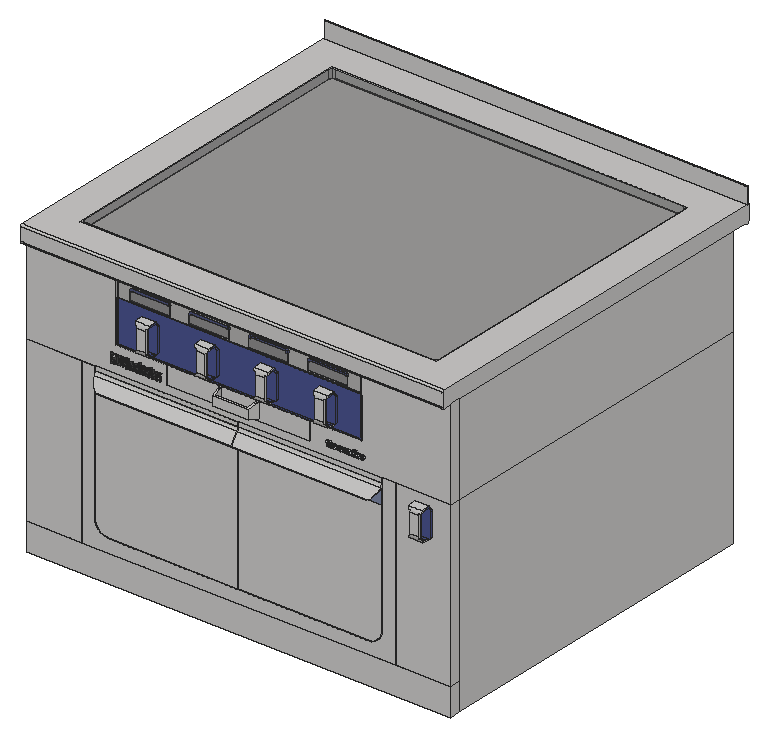
Revit family "QF_ELECTROLUXPROFESSIONAL_589708_MCTHEBJ4AO", category Attrezzature speciali, Revit 2020
Family settings
  Quota connettore circolare = Usa diametro
  Tipo di parte = Normale
  Basato su piano di lavoro = No
  Sempre verticale = Sì
  Taglio con vuoti quando caricato = No
  Condiviso = No
  Punto di calcolo locali = No
Parameters (values of type "Standard")
  Weight = 258.00 kg
  Watts = 18300 W
  Volts = 400 V
  URL Manufacturer = "https://www.electroluxprofessional.com/"
  URL = "https://www.electroluxprofessional.com/"
  Steam Supply Size = 0"
  Steam Supply Minimum Pressure = 0.00 psi
  Steam Supply Maximum Pressure = 0.00 psi
  Steam Consumption per Hour = 0
  Refrigeration Suction Line Size = 0 mm
  Refrigeration Liquid Line Size = 0 mm
  Refrigerant Compressor Remote = yes
  Prospetto di default = 0 mm
  Phase = 3
  Modello = "MCTHEBJ4AO"
  Produttore = "Electrolux Professional"
  Length Actual = 1000 mm  # constant formula
  Item Number = "589708"
  Hot Water Size = 0"
  Height Actual = 700 mm  # constant formula
  HP = "24.5 HP"
  Gas Size = 0"
  Gas KW = 0
  Gas Input Pressure = 0.0 Btu/h
  Direct Waste Size = 0"
  Descrizione = "EL.FREE COOK.WARM.CAB.1S,BS,1000X900X7"
  Depth Actual = 900 mm  # constant formula
  Cycle = 50 Hz
  Condensate Return Size = 0"
  Compressed Air Volume = 0 GPM
  Compressed Air Size = 0"
  Compressed Air Pressure = 0.00 psi
  Cold Water Size = 0"
  Accessory = yes
Reference planes
  plane 1 "BACK": y = 50
  plane 2: z = 0
  plane 3 "LEFT": x = 0
  plane 4 "RIGHT": x = 1000
  plane 5 "FRONT": y = -850
  plane 6 "TOP": z = 900
  plane 7 "Center (Left/Right)": x = 500
  plane 8: y = -400
  plane 9: z = 200
  plane 10: y = -150
  plane 11 "Panel": y = -805
  plane 12: z = 798
  plane 13: z = 1327
  plane 14: x = 78
  plane 15: x = 922
  plane 16: y = -100
  plane 17: y = -600
  plane 18 "EIx": x = 955
  plane 19 "EIy": y = -635
  plane 20: z = 200
  plane 21 "KnobX": x = 935
Forms (mm)
  Extrusion 1, solid, material "QF_Finishes_Stainless Steel"
    sketch origin (-178.969, -4572, 200) x (-1, 0, 0) y (0, -1, 0)
      loop
        line (-178.969, -4577) -> (-178.969, -3767) -> (-1178.969, -3767) -> (-1178.969, -4577) -> (-178.969, -4577)
    from 450 to 662.969
  Extrusion 2, solid, material "QF_Finishes_Stainless Steel"
    sketch origin (-588.969, -4562, 200) x (-1, 0, 0) y (0, -1, 0)
      loop
        circle (-1543.969, -3927) r 6.35
    from 0 to -11.851
  Extrusion 3, solid, material "QF_Finishes_Stainless Steel"
    sketch origin (500, 296.4, 1219.2) x (0, 1, 0) y (0, 0, 1)
      loop
        line (-246.4, -319.2) -> (-1141.4, -319.2)
        arc (-1141.4, -319.2) -> (-1144.935, -320.664) -> (-1146.4, -324.2) r 5
        line (-1146.4, -324.2) -> (-1146.4, -355.2)
        arc (-1146.4, -355.2) -> (-1144.971, -358.264) -> (-1141.705, -359.139) r 4
        line (-1141.705, -359.139) -> (-1126.4, -356.231) -> (-266.4, -356.231) -> (-251.094, -359.139)
        arc (-251.094, -359.139) -> (-247.829, -358.264) -> (-246.4, -355.2) r 4
        line (-246.4, -355.2) -> (-246.4, -319.2)
    from -500 to 500
  Extrusion 4, solid, material "QF_Finishes_Electrolux_Black Smoke Iluminated"
    sketch origin (0, 0, 900) x (-1, 0, 0) y (0, -1, 0)
      loop
        arc (-90, 30) -> (-82.929, 32.929) -> (-80, 40) r 10
        line (-80, 40) -> (-80, 760)
        arc (-80, 760) -> (-82.929, 767.071) -> (-90, 770) r 10
        line (-90, 770) -> (-911, 770)
        arc (-911, 770) -> (-918.071, 767.071) -> (-921, 760) r 10
        line (-921, 760) -> (-921, 40)
        arc (-921, 40) -> (-918.071, 32.929) -> (-911, 30) r 10
        line (-911, 30) -> (-90, 30)
    from 0 to -20
  Extrusion 5, solid, material "QF_Finishes_Stainless Steel"
    sketch origin (-178.969, -4572, 200) x (-1, 0, 0) y (0, -1, 0)
      loop
        line (-178.969, -4577) -> (-178.969, -3767) -> (-1178.969, -3767) -> (-1178.969, -4577) -> (-178.969, -4577)
    from 450 to 0
  Extrusion 6, void
    sketch origin (0, 0, 900) x (-1, 0, 0) y (0, -1, 0)
      loop
        line (-78, 771) -> (-922, 771) -> (-922, 28) -> (-78, 28) -> (-78, 771)
    from 0 to -25
  Extrusion 7, solid, material "QF_Finishes_Stainless Steel"
    sketch origin (0, 0, 900) x (-1, 0, 0) y (0, -1, 0)
      loop
        arc (-90, 32) -> (-84.343, 34.343) -> (-82, 40) r 8
        line (-82, 40) -> (-82, 760)
        arc (-82, 760) -> (-84.343, 765.657) -> (-90, 768) r 8
        line (-90, 768) -> (-910, 768)
        arc (-910, 768) -> (-915.657, 765.657) -> (-918, 760) r 8
        line (-918, 760) -> (-918, 40)
        arc (-918, 40) -> (-915.657, 34.343) -> (-910, 32) r 8
        line (-910, 32) -> (-90, 32)
    from -20 to -25
  Extrusion 8, solid, material "QF_Finishes_Stainless Steel"
    sketch origin (500, 297.4, 1219.2) x (0, 1, 0) y (0, 0, 1)
      loop
        line (-249.4, -319.2) -> (-247.4, -319.2) -> (-247.4, -281.2) -> (-249.4, -281.2) -> (-249.4, -319.2)
    from -500 to 500
  Extrusion 9, solid, material "QF_Finishes_Stainless Steel"
    sketch origin (500, 296.4, 1219.2) x (0, 1, 0) y (0, 0, 1)
      loop
        line (-1101.4, -1019.2) -> (-1101.4, -954.2) -> (-1126.4, -954.2) -> (-1126.4, -1019.2) -> (-1101.4, -1019.2)
    from -500 to 500
  Extrusion 10, solid, material "QF_Finishes_Stainless Steel"
    sketch origin (-40.038, -850, -31.747) x (1, 0, 0) y (0, 0, 1)
      loop
        line (40.038, 681.747) -> (40.038, 296.747) -> (170.038, 296.747) -> (170.038, 681.747) -> (40.038, 681.747)
      loop
        line (1040.038, 681.747) -> (910.038, 681.747) -> (910.038, 296.747) -> (1040.038, 296.747) -> (1040.038, 681.747)
    from -45 to -20
  Extrusion 11, solid, material "QF_Finishes_Stainless Steel"
    sketch origin (-40.038, -850, -31.747) x (1, 0, 0) y (0, 0, 1)
      loop
        line (170.038, 296.747) -> (910.038, 296.747) -> (910.038, 681.747) -> (880.038, 681.747) -> (880.038, 358.747)
        arc (880.038, 358.747) -> (870.665, 336.12) -> (848.038, 326.747) r 32
        line (848.038, 326.747) -> (232.038, 326.747)
        arc (232.038, 326.747) -> (209.41, 336.12) -> (200.038, 358.747) r 32
        line (200.038, 358.747) -> (200.038, 681.747) -> (170.038, 681.747) -> (170.038, 296.747)
    from -45 to -20
Cuts and joins
  Extrusion 6 cuts Extrusion 3
Lines and regions (mm)
  symbolic lines
    curve 1: line (0, 50, 200) -> (1000, 50, 200)
    curve 2: line (0, -850, 200) -> (0, 50, 200)
    curve 3: line (1000, -850, 200) -> (0, -850, 200)
    curve 4: line (1000, 50, 200) -> (1000, -850, 200)
    curve 5: line (910, -30, 200) -> (90, -30, 200)
    curve 6: line (80, -40, 200) -> (80, -760, 200)
    curve 7: line (90, -770, 200) -> (910, -770, 200)
    curve 8: line (920, -760, 200) -> (920, -40, 200)
    curve 9: arc (90, -30, 200) -> (82.929, -32.929, 200) -> (80, -40, 200) r 10
    curve 10: arc (920, -40, 200) -> (917.071, -32.929, 200) -> (910, -30, 200) r 10
    curve 11: arc (910, -770, 200) -> (917.071, -767.071, 200) -> (920, -760, 200) r 10
    curve 12: arc (80, -760, 200) -> (82.929, -767.071, 200) -> (90, -770, 200) r 10
    curve 13: line (0, 48, 0) -> (800, 48, 0)
Dimensions and locks
  plane 3 "LEFT" to plane 4 "RIGHT" = 1000 mm
  plane 5 "FRONT" to plane 1 "BACK" = 900 mm
  plane 3 "LEFT" to plane 7 "Center (Left/Right)" to plane 4 "RIGHT" = 500 mm, 500 mm
  equal spacing: plane 5 "FRONT", plane 8, plane 1 "BACK"
  plane 6 "TOP" to level = 900 mm  (x2)
  plane 9 to level = 200 mm
  plane 1 "BACK" to plane 10 to plane 11 "Panel" = 200 mm, 655 mm  (x2)
  plane 6 "TOP" to plane 9 to level = 700 mm, 200 mm
  plane 1 "BACK" to plane 5 "FRONT" = 900 mm
  plane 1 "BACK" to Extrusion 2 = 685 mm
  plane 12 to plane 9 = 598 mm
  plane 13 to plane 6 "TOP" = 427 mm
  plane 6 "TOP" to plane 12 = 102 mm
  plane 14 to plane 3 "LEFT" = 78 mm
  plane 15 to plane 4 "RIGHT" = 78 mm
  locked: plane 1 "BACK" to plane 16 at 150
  locked: plane 16 to plane 17 at 500
  plane 11 "Panel" to plane 5 "FRONT" = 45 mm
  plane 18 "EIx" to plane 4 "RIGHT" = 45 mm
  plane 19 "EIy" to plane 1 "BACK" = 685 mm
  plane 21 "KnobX" to plane 4 "RIGHT" = 65 mm
  aligned and locked: level to plane 2
  aligned and locked: nested 2 to plane 11 "Panel"
  aligned and locked: plane 3 "LEFT" to nested 2
  aligned and locked: Extrusion 4 sketch curve to curve 5
  aligned and locked: Extrusion 4 sketch curve to curve 7
  aligned and locked: Extrusion 6 sketch curve to plane 14
  aligned and locked: plane 15 to Extrusion 6 sketch curve
Automatic sketch dimensions
  Extrusion 2 sketch curve to plane 18 "EIx" = 0 mm
  Extrusion 2 sketch curve to plane 19 "EIy" = 0 mm
  Extrusion 3 sketch curve to plane 5 "FRONT" = 0 mm
  Extrusion 3 sketch curve to plane 6 "TOP" = 0 mm
  Extrusion 3 sketch curve to plane 1 "BACK" = 0 mm
  Extrusion 3 sketch curve to plane 5 "FRONT" = 4 mm
  Extrusion 3 sketch curve to Extrusion 3 sketch curve = 0.695 mm
  Extrusion 3 sketch curve to plane 5 "FRONT" = 5 mm
  Extrusion 3 sketch curve to Extrusion 3 sketch curve = 15.305 mm
  plane 1 "BACK" to Extrusion 3 sketch curve = 20 mm
  plane 1 "BACK" to Extrusion 3 sketch curve = 4.695 mm
  Extrusion 3 sketch curve to Extrusion 3 sketch curve = 4 mm
  Extrusion 3 sketch curve to Extrusion 3 sketch curve = 31 mm
  Extrusion 3 sketch curve to plane 6 "TOP" = 36 mm
  Extrusion 3 sketch curve to Extrusion 3 sketch curve = 2.909 mm
  plane 15 to Extrusion 4 sketch curve = 1 mm
  Extrusion 4 sketch curve to plane 14 = 2 mm
  plane 15 to Extrusion 4 sketch curve = 11 mm  (x2)
  Extrusion 4 sketch curve to Extrusion 4 sketch curve = 10 mm  (x2)
  Extrusion 8 sketch curve to plane 6 "TOP" = 0 mm
  Extrusion 8 sketch curve to plane 1 "BACK" = 0 mm
  plane 1 "BACK" to Extrusion 8 sketch curve = 2 mm
  plane 6 "TOP" to Extrusion 8 sketch curve = 38 mm
  Extrusion 6 sketch curve to plane 16 = 72 mm
  plane 11 "Panel" to Extrusion 6 sketch curve = 34 mm
  Extrusion 1 sketch curve to plane 4 "RIGHT" = 0 mm
  Extrusion 1 sketch curve to plane 3 "LEFT" = 0 mm
  Extrusion 1 sketch curve to plane 11 "Panel" = 0 mm
  plane 1 "BACK" to Extrusion 1 sketch curve = 45 mm
  plane 1 "BACK" to curve 1 = 0 mm
  curve 1 to plane 4 "RIGHT" = 0 mm
  plane 15 to curve 8 = 2 mm
  curve 6 to plane 14 = 2 mm
  curve 2 to plane 3 "LEFT" = 0 mm
  plane 5 "FRONT" to curve 3 = 0 mm
  plane 15 to curve 5 = 12 mm
  plane 15 to curve 11 = 12 mm
  curve 5 to plane 14 = 12 mm
  curve 12 to curve 6 = 10 mm
  curve 5 to plane 16 = 70 mm
  plane 17 to curve 11 = 160 mm
  Extrusion 5 sketch curve to plane 4 "RIGHT" = 0 mm
  Extrusion 5 sketch curve to plane 3 "LEFT" = 0 mm
  Extrusion 5 sketch curve to plane 11 "Panel" = 0 mm
  plane 1 "BACK" to Extrusion 5 sketch curve = 45 mm
  Extrusion 9 sketch curve to plane 9 = 0 mm
  Extrusion 9 sketch curve to plane 11 "Panel" = 0 mm
  Extrusion 9 sketch curve to plane 5 "FRONT" = 20 mm
  plane 9 to Extrusion 9 sketch curve = 65 mm
  plane 14 to Extrusion 10 sketch curve = 78 mm
  Extrusion 10 sketch curve to plane 14 = 52 mm
  plane 15 to Extrusion 10 sketch curve = 52 mm
  Extrusion 10 sketch curve to plane 4 "RIGHT" = 0 mm
  plane 9 to Extrusion 10 sketch curve = 65 mm  (x2)
  Extrusion 10 sketch curve to plane 12 = 148 mm  (x2)
  Extrusion 11 sketch curve to plane 14 = 52 mm
  Extrusion 11 sketch curve to Extrusion 11 sketch curve = 30 mm  (x2)
  Extrusion 11 sketch curve to Extrusion 11 sketch curve = 32 mm  (x2)
  plane 15 to Extrusion 11 sketch curve = 114 mm
  plane 15 to Extrusion 11 sketch curve = 52 mm
  plane 9 to Extrusion 11 sketch curve = 65 mm
  Extrusion 11 sketch curve to plane 12 = 148 mm  (x2)
  plane 15 to Extrusion 7 sketch curve = 4 mm
  Extrusion 7 sketch curve to Extrusion 7 sketch curve = 8 mm  (x2)
  Extrusion 7 sketch curve to plane 14 = 12 mm  (x2)
  Extrusion 7 sketch curve to plane 14 = 4 mm
  Extrusion 7 sketch curve to plane 16 = 68 mm
  plane 11 "Panel" to Extrusion 7 sketch curve = 45 mm
  radius of Extrusion 2 sketch curve = 6.35 mm
Nested families
  nested 1: "FIT Range Control Handle" at (934.774, -833.137, -372.751), type "FIT Range Control Handle"
  nested 2: "Front_Panel_W1000_Four Knobs" at (202.376, -805, 0), type "Front_Panel_W1000_Four Knobs"
  nested 3: "Warm" at (1000, -800, 0), type "Warm"
  nested 4: "H450H2W1000_2DOOR" at (463.958, -805, 200) x (1, 0, 0) z (0, -1, 0), type "H450H2W1000_2DOOR"
    with Width 680 mm, Wdoor 340 mm, Show Clearance yes
Connectors
  electrical at (955, -635, 188.149)
    settings: on Extrusion 2, index 1, voltage 400 V, apparent load 33000 VA, apparent load phase1 0 VA, apparent load phase2 0 VA, apparent load phase3 0 VA, power factor 1, load classification "Other", number of poles 1, system type 30, power factor state 1, is connector primary yes, connector utility no, sub classification motor no, connector description "ELECTRICAL CONNECTION"
Definition of nested family "FIT Range Control Handle"
  Parameters
    Default Elevation = 0 mm
  Reference planes
    plane 1 "Center (Front/Back)": y = 0
    plane 2: z = 0
    plane 3 "Center (Left/Right)": x = 0
    plane 4: z = 971.092
    plane 5: y = -16.8
  Forms (mm)
    Extrusion 1, solid
      sketch origin (-746.28, 380.497, 208.931) x (-1, 0, 0) y (0, 0, 1)
        loop
          line (-770.101, 786.798) -> (-770.101, 731.649)
          arc (-770.101, 731.649) -> (-769.759, 730.563) -> (-768.855, 729.87) r 1.893
          line (-768.855, 729.87) -> (-763.474, 727.911) -> (-729.81, 727.911) -> (-724.428, 729.87)
          arc (-724.428, 729.87) -> (-723.525, 730.563) -> (-723.183, 731.649) r 1.893
          line (-723.183, 731.649) -> (-723.183, 786.798)
          arc (-723.183, 786.798) -> (-723.529, 787.894) -> (-724.44, 788.593) r 1.91
          line (-724.44, 788.593) -> (-729.683, 790.819) -> (-763.601, 790.819) -> (-768.844, 788.593)
          arc (-768.844, 788.593) -> (-769.755, 787.894) -> (-770.101, 786.798) r 1.91
      from -382.35 to -378.852
    Sweep 2, solid
      path origin (-746.788, 380.496, 208.091) x (0, -1, 0) y (0, 0, 1)
        loop
          line (379.775, 793.281) -> (395.661, 791.048)
          arc (395.661, 791.048) -> (397.781, 787.377) -> (398.517, 783.202) r 12.207
          line (398.517, 783.202) -> (398.517, 737.368)
          arc (398.517, 737.368) -> (397.781, 733.193) -> (395.661, 729.522) r 12.207
          line (395.661, 729.522) -> (379.775, 727.289)
      profile origin (-746.788, -7.222, 1000.256) x (0, -0.139173, 0.990268) y (-1, 0, 0)
        loop
          line (0.782, -763.123) -> (0.782, -730.907) -> (-1.322, -730.907) -> (-1.322, -763.123) -> (0.782, -763.123)
    Sweep 3, solid
      path origin (-746.788, 380.715, 207.832) x (0, -1, 0) y (0, 0, 1)
        loop
          line (380.478, 795.442) -> (397.218, 793.09)
          arc (397.218, 793.09) -> (399.929, 788.473) -> (400.871, 783.202) r 15.207
          line (400.871, 783.202) -> (400.871, 737.584)
          arc (400.871, 737.584) -> (399.914, 732.274) -> (397.164, 727.633) r 15.207
          line (397.164, 727.633) -> (380.601, 725.305)
      profile origin (-746.788, -8.132, 1002.099) x (0, -0.139173, 0.990268) y (-1, 0, 0)
        loop
          line (0.782, -763.123) -> (0.782, -730.907) -> (-1.322, -730.907) -> (-1.322, -763.123) -> (0.782, -763.123)
    Extrusion 4, void
      sketch origin (889.253, 220.666, 207.993) x (1, 0, 0) y (0, 0, 1)
        loop
          line (-943.038, 816.854) -> (-943.038, 703.686) -> (-899.466, 734.196) -> (-899.466, 786.344) -> (-943.038, 816.854)
      from 230.636 to 242.25
    Extrusion 5, void
      sketch origin (-888.8, 220.666, 207.993) x (-1, 0, 0) y (0, 0, -1)
        loop
          line (-943.038, -816.854) -> (-899.466, -786.344) -> (-899.466, -734.196) -> (-943.038, -703.686) -> (-943.038, -816.854)
      from 230.636 to 242.25
    Extrusion 6, solid
      sketch origin (0, 0, 0) x (1, 0, 0) y (0, 0, 1)
        loop
          circle (0, 971.092) r 7.736
      from -3.137 to -1.645
  Cuts and joins
    Extrusion 4, Extrusion 5 cuts Sweep 3
    Extrusion 4, Extrusion 5 cuts Sweep 2
    joined: Extrusion 1, Extrusion 6
  Lines and regions (mm)
    symbolic lines
      curve 1: line (-15.881, -19.189, 0) -> (-15.881, -16.8, 0)
      curve 2: line (16.334, -19.189, 0) -> (16.334, -16.8, 0)
      curve 3: spline (-15.881, -19.189, 0) -> (-15.417, -19.349, 0) -> (-14.951, -19.501, 0) -> (-14.483, -19.646, 0) -> (-14.014, -19.783, 0) -> (-13.543, -19.912, 0) -> (-13.071, -20.033, 0) -> (-12.597, -20.146, 0) -> (-12.122, -20.251, 0) -> (-11.646, -20.349, 0) -> (-11.169, -20.438, 0) -> (-10.691, -20.52, 0) -> (-10.213, -20.593, 0)
      curve 4: spline (10.666, -20.593, 0) -> (11.144, -20.52, 0) -> (11.622, -20.438, 0) -> (12.099, -20.349, 0) -> (12.575, -20.251, 0) -> (13.05, -20.146, 0) -> (13.524, -20.033, 0) -> (13.996, -19.912, 0) -> (14.467, -19.783, 0) -> (14.936, -19.646, 0) -> (15.404, -19.501, 0) -> (15.87, -19.349, 0) -> (16.334, -19.189, 0)
      curve 5: line (-10.213, -20.938, 0) -> (10.716, -20.938, 0)
  Dimensions and locks
    cut or joined group of Sweep 3, Extrusion 4, Extrusion 5 to cut or joined group of Sweep 3, Extrusion 4, Extrusion 5 = 71.686 mm
Definition of nested family "Front_Panel_W1000_Four Knobs"
  Parameters
    Default Elevation = 0 mm
  Reference planes
    plane 1 "Center (Front/Back)": y = 0
    plane 2: z = 0
    plane 3 "Center (Left/Right)": x = 297.624
    plane 4 "Left": x = -202.376
    plane 5 "Right": x = 797.624
    plane 6: y = -45
    plane 7: x = 87.624
    plane 8: x = 227.624
    plane 9: y = -310
    plane 10: y = -25
    plane 11: x = -2.376
    plane 12: x = 367.624
    plane 13: x = 507.624
    plane 14: x = 594.715
  Forms (mm)
    Extrusion 1, solid
      sketch origin (833.217, 829.203, -1.25) x (0, 1, 0) y (0, 0, 1)
        loop
          line (-854.203, 651.25) -> (-829.203, 651.25) -> (-829.203, 864.25) -> (-854.203, 864.25) -> (-854.203, 651.25)
      from -1035.593 to -35.593
    Extrusion 2, void
      sketch origin (0, 0, 0) x (1, 0, 0) y (0, 0, 1)
        loop
          line (7.624, 853.866) -> (7.624, 711.866) -> (587.624, 711.866) -> (587.624, 853.866) -> (7.624, 853.866)
      from 19.387 to 33.951
    Extrusion 3, void
      sketch origin (0, 0, 0) x (1, 0, 0) y (0, 0, 1)
        loop
          line (128.624, 711.866) -> (128.624, 668.866) -> (466.624, 668.866) -> (466.624, 711.866) -> (128.624, 711.866)
      from 19.387 to 25
    Extrusion 4, solid
      sketch origin (150, 0, 1) x (1, 0, 0) y (0, 0, 1)
        loop
          line (-21.376, 710.866) -> (-21.376, 667.866) -> (316.624, 667.866) -> (316.624, 710.866) -> (-21.376, 710.866)
      from 19.387 to 25
    Extrusion 5, solid
      sketch origin (150, 0, 1) x (1, 0, 0) y (0, 1, 0)
        loop
          line (106.059, -25) -> (100.966, -25) -> (105.646, -49.075) -> (189.603, -49.075) -> (194.283, -25) -> (189.189, -25) -> (185.481, -44.075) -> (109.767, -44.075) -> (106.059, -25)
      from 672.593 to 705.67
    Extrusion 6, void
      sketch origin (297.624, 0, 1) x (0, 1, 0) y (0, 0, 1)
        loop
          line (-30, 705.67) -> (-30, 710.67) -> (-56.744, 710.67) -> (-56.744, 667.593) -> (-30, 667.593) -> (-30, 672.593) -> (-53.776, 680.318) -> (-53.776, 697.945) -> (-30, 705.67)
      from -50 to 50
    Extrusion 7, solid, detail levels coarse
      sketch origin (150, -265, 1) x (1, 0, 0) y (0, 1, 0)
        loop
          line (106.164, -71.744) -> (189.084, -71.744) -> (194.283, -45) -> (316.624, -45) -> (316.624, 240) -> (-21.376, 240) -> (-21.376, -45) -> (100.966, -45) -> (106.164, -71.744)
      from 672.593 to 705.67
    Extrusion 8, void
      sketch origin (297.624, -280, 1) x (0, 1, 0) y (0, 0, 1)
        loop
          line (-30, 705.67) -> (-30, 710.67) -> (-56.744, 710.67) -> (-56.744, 667.593) -> (-30, 667.593) -> (-30, 672.593) -> (-53.776, 680.318) -> (-53.776, 697.945) -> (-30, 705.67)
      from -50 to 50
  Cuts and joins
    Extrusion 2, Extrusion 3 cuts Extrusion 1
    Extrusion 6 cuts Extrusion 5
    Extrusion 6, Extrusion 8 cuts Extrusion 7
  Lines and regions (mm)
    symbolic lines
      curve 1: line (128.624, -45, 0) -> (128.624, -310, 0)
      curve 2: line (128.624, -310, 0) -> (466.624, -310, 0)
      curve 3: line (466.624, -310, 0) -> (466.624, -45, 0)
      curve 4: line (128.624, -300, 0) -> (466.624, -300, 0)
      curve 5: line (250.908, -309.701, 0) -> (255.587, -333.776, 0)
      curve 6: line (255.587, -333.776, 0) -> (339.545, -333.776, 0)
      curve 7: line (339.545, -333.776, 0) -> (344.225, -309.701, 0)
      curve 8: line (256.001, -309.701, 0) -> (259.709, -328.776, 0)
      curve 9: line (259.709, -328.776, 0) -> (335.423, -328.776, 0)
      curve 10: line (335.423, -328.776, 0) -> (339.131, -309.701, 0)
  Dimensions and locks
    equal spacing: plane 5 "Right", plane 3 "Center (Left/Right)", plane 4 "Left"
    plane 5 "Right" to plane 4 "Left" = 1000 mm
    plane 3 "Center (Left/Right)" to plane 7 = 210 mm
    plane 3 "Center (Left/Right)" to plane 8 = 70 mm
    plane 6 to plane 9 = 265 mm
    plane 13 to plane 3 "Center (Left/Right)" = 210 mm
    plane 12 to plane 3 "Center (Left/Right)" = 70 mm
    aligned and locked: cut or joined group of Extrusion 1, Extrusion 2, Extrusion 3 to plane 4 "Left"
    aligned and locked: plane 5 "Right" to cut or joined group of Extrusion 1, Extrusion 2, Extrusion 3
    aligned and locked: plane 3 "Center (Left/Right)" to nested 2
    aligned and locked: cut or joined group of Extrusion 1, Extrusion 2, Extrusion 3 to nested 2
  Automatic sketch dimensions
    plane 7 to Extrusion 3 sketch curve = 41 mm
    plane 3 "Center (Left/Right)" to Extrusion 3 sketch curve = 169 mm
    level to Extrusion 3 sketch curve = 668.866 mm
    Extrusion 3 sketch curve to Extrusion 3 sketch curve = 43 mm
    Extrusion 1 sketch curve to plane 1 "Center (Front/Back)" = 0 mm
    level to Extrusion 1 sketch curve = 650 mm
    plane 4 "Left" to Extrusion 2 sketch curve = 210 mm
    Extrusion 2 sketch curve to plane 5 "Right" = 210 mm
    level to Extrusion 2 sketch curve = 711.866 mm
    Extrusion 2 sketch curve to Extrusion 2 sketch curve = 142 mm
    plane 6 to curve 1 = 0 mm
    plane 6 to curve 3 = 0 mm
    plane 9 to curve 1 = 0 mm
    plane 7 to curve 1 = 41 mm
    curve 1 to curve 4 = 10 mm
    Extrusion 1 sketch curve to plane 6 = 20 mm
    Extrusion 1 sketch curve to Extrusion 1 sketch curve = 213 mm
    plane 7 to Extrusion 4 sketch curve = 41 mm
    Extrusion 4 sketch curve to plane 13 = 41 mm
    level to Extrusion 4 sketch curve = 668.866 mm
    Extrusion 4 sketch curve to Extrusion 4 sketch curve = 43 mm
    plane 10 to Extrusion 5 sketch curve = 0 mm  (x2)
    plane 8 to Extrusion 5 sketch curve = 23.342 mm
    plane 6 to Extrusion 5 sketch curve = 4.075 mm
    Extrusion 5 sketch curve to Extrusion 5 sketch curve = 4.68 mm
    Extrusion 5 sketch curve to Extrusion 5 sketch curve = 5.094 mm  (x2)
    Extrusion 5 sketch curve to plane 6 = 0.925 mm
    Extrusion 5 sketch curve to Extrusion 5 sketch curve = 4.122 mm  (x2)
    Extrusion 5 sketch curve to plane 12 = 32.143 mm
    Extrusion 5 sketch curve to Extrusion 5 sketch curve = 3.708 mm
    plane 6 to Extrusion 6 sketch curve = 11.744 mm
    plane 6 to Extrusion 6 sketch curve = 8.776 mm
    plane 10 to Extrusion 6 sketch curve = 5 mm  (x2)
    level to Extrusion 6 sketch curve = 668.593 mm
    Extrusion 6 sketch curve to Extrusion 6 sketch curve = 5 mm
    Extrusion 6 sketch curve to Extrusion 6 sketch curve = 12.725 mm  (x2)
    Extrusion 6 sketch curve to Extrusion 6 sketch curve = 17.627 mm
    Extrusion 6 sketch curve to Extrusion 6 sketch curve = 7.725 mm
    plane 10 to Extrusion 7 sketch curve = 0 mm
    Extrusion 7 sketch curve to plane 9 = 0 mm  (x2)
    plane 7 to Extrusion 7 sketch curve = 41 mm
    plane 8 to Extrusion 7 sketch curve = 23.342 mm
    Extrusion 7 sketch curve to Extrusion 7 sketch curve = 5.199 mm
    Extrusion 7 sketch curve to plane 12 = 28.54 mm
    Extrusion 7 sketch curve to plane 12 = 23.342 mm
    Extrusion 7 sketch curve to plane 13 = 41 mm
    Extrusion 7 sketch curve to plane 9 = 26.744 mm
    Extrusion 8 sketch curve to plane 9 = 0 mm  (x2)
    Extrusion 8 sketch curve to plane 9 = 23.776 mm
    Extrusion 8 sketch curve to Extrusion 8 sketch curve = 2.968 mm
    level to Extrusion 8 sketch curve = 668.593 mm
    Extrusion 8 sketch curve to Extrusion 8 sketch curve = 5 mm
    Extrusion 8 sketch curve to Extrusion 8 sketch curve = 12.725 mm  (x2)
    Extrusion 8 sketch curve to Extrusion 8 sketch curve = 17.627 mm
    Extrusion 8 sketch curve to Extrusion 8 sketch curve = 7.725 mm
    curve 3 to plane 13 = 41 mm
    plane 9 to curve 5 = 0.299 mm
    plane 8 to curve 5 = 23.283 mm
    curve 5 to curve 5 = 4.68 mm
    plane 9 to curve 8 = 0.299 mm
    curve 5 to curve 8 = 5.094 mm
    curve 5 to curve 9 = 4.122 mm
    curve 9 to plane 12 = 32.201 mm
    plane 9 to curve 10 = 0.299 mm
    curve 9 to curve 10 = 3.708 mm
    curve 9 to curve 7 = 4.122 mm
    plane 9 to curve 7 = 0.299 mm
    curve 10 to curve 7 = 5.094 mm
    curve 9 to plane 9 = 18.776 mm
    curve 6 to curve 8 = 5 mm
  Nested families
    nested 1: "Range Control Handle" at (87.624, -28.137, -209.113) x (-1, 0, 0) z (0, 0, 1), type "Range Control Handle"
    nested 2: "Front glass control panel W1000" at (297.624, 280.644, 2.752), type "Front glass control panel W1000"
    nested 3: "Range Control Handle" at (227.624, -28.137, -209.113) x (-1, 0, 0) z (0, 0, 1), type "Range Control Handle"
    nested 4: "Range Control Handle" at (367.624, -28.137, -209.113), type "Range Control Handle"
    nested 5: "Range Control Handle" at (507.624, -28.137, -209.113), type "Range Control Handle"
    nested 6: "ELX_ThermaLine_Small" at (546.122, -25, 679.426) x (1, 0, 0) z (0, -1, 0), type "ELX_ThermaLine_Small"
      with Show Logo yes, Material_Logo none
    nested 7: "ELX_Professional_Logo_Small" at (57.11, -25, 681.659) x (1, 0, 0) z (0, -1, 0), type "ELX_Professional_Logo_Small"
      with Show Logo yes, Material_Logo none
  Definition of nested family "Range Control Handle"
    Parameters
      Default Elevation = 0 mm
    Reference planes
      plane 1 "Center (Front/Back)": y = 0
      plane 2: z = 0
      plane 3 "Center (Left/Right)": x = 0
      plane 4: z = 971.092
      plane 5: y = -16.9
    Forms (mm)
      Extrusion 1, solid
        sketch origin (-746.28, 380.497, 208.931) x (-1, 0, 0) y (0, 0, 1)
          loop
            line (-770.101, 786.798) -> (-770.101, 731.649)
            arc (-770.101, 731.649) -> (-769.759, 730.563) -> (-768.855, 729.87) r 1.893
            line (-768.855, 729.87) -> (-763.474, 727.911) -> (-729.81, 727.911) -> (-724.428, 729.87)
            arc (-724.428, 729.87) -> (-723.525, 730.563) -> (-723.183, 731.649) r 1.893
            line (-723.183, 731.649) -> (-723.183, 786.798)
            arc (-723.183, 786.798) -> (-723.529, 787.894) -> (-724.44, 788.593) r 1.91
            line (-724.44, 788.593) -> (-729.683, 790.819) -> (-763.601, 790.819) -> (-768.844, 788.593)
            arc (-768.844, 788.593) -> (-769.755, 787.894) -> (-770.101, 786.798) r 1.91
        from -382.35 to -378.852
      Sweep 2, solid
        path origin (-746.788, 380.496, 208.091) x (0, -1, 0) y (0, 0, 1)
          loop
            line (379.775, 793.281) -> (395.661, 791.048)
            arc (395.661, 791.048) -> (397.781, 787.377) -> (398.517, 783.202) r 12.207
            line (398.517, 783.202) -> (398.517, 737.368)
            arc (398.517, 737.368) -> (397.781, 733.193) -> (395.661, 729.522) r 12.207
            line (395.661, 729.522) -> (379.775, 727.289)
        profile origin (-746.788, -7.222, 1000.256) x (0, -0.139173, 0.990268) y (-1, 0, 0)
          loop
            line (0.782, -763.123) -> (0.782, -730.907) -> (-1.322, -730.907) -> (-1.322, -763.123) -> (0.782, -763.123)
      Sweep 3, solid
        path origin (-746.788, 380.715, 207.832) x (0, -1, 0) y (0, 0, 1)
          loop
            line (380.478, 795.442) -> (397.218, 793.09)
            arc (397.218, 793.09) -> (399.929, 788.473) -> (400.871, 783.202) r 15.207
            line (400.871, 783.202) -> (400.871, 737.584)
            arc (400.871, 737.584) -> (399.914, 732.274) -> (397.164, 727.633) r 15.207
            line (397.164, 727.633) -> (380.601, 725.305)
        profile origin (-746.788, -8.132, 1002.099) x (0, -0.139173, 0.990268) y (-1, 0, 0)
          loop
            line (0.782, -763.123) -> (0.782, -730.907) -> (-1.322, -730.907) -> (-1.322, -763.123) -> (0.782, -763.123)
      Extrusion 4, void
        sketch origin (889.253, 220.666, 207.993) x (1, 0, 0) y (0, 0, 1)
          loop
            line (-943.038, 816.854) -> (-943.038, 703.686) -> (-899.466, 734.196) -> (-899.466, 786.344) -> (-943.038, 816.854)
        from 230.636 to 242.25
      Extrusion 5, void
        sketch origin (-888.8, 220.666, 207.993) x (-1, 0, 0) y (0, 0, -1)
          loop
            line (-943.038, -816.854) -> (-899.466, -786.344) -> (-899.466, -734.196) -> (-943.038, -703.686) -> (-943.038, -816.854)
        from 230.636 to 242.25
      Extrusion 6, solid
        sketch origin (0, 0, 0) x (1, 0, 0) y (0, 0, 1)
          loop
            circle (0, 971.092) r 7.736
        from -3.137 to -1.645
    Cuts and joins
      Extrusion 4, Extrusion 5 cuts Sweep 3
      Extrusion 4, Extrusion 5 cuts Sweep 2
      joined: Extrusion 1, Extrusion 6
    Lines and regions (mm)
      symbolic lines
        curve 1: line (16.334, -16.9, 0) -> (16.334, -19.227, 0)
        curve 2: spline (16.334, -19.227, 0) -> (15.87, -19.385, 0) -> (15.404, -19.536, 0) -> (14.936, -19.678, 0) -> (14.466, -19.813, 0) -> (13.995, -19.94, 0) -> (13.523, -20.059, 0) -> (13.049, -20.171, 0) -> (12.575, -20.274, 0) -> (12.099, -20.37, 0) -> (11.622, -20.458, 0) -> (11.144, -20.537, 0) -> (10.666, -20.609, 0)
        curve 3: line (10.666, -16.9, 0) -> (10.666, -20.938, 0)
        curve 4: line (-10.213, -20.938, 0) -> (10.666, -20.938, 0)
        curve 5: line (-10.213, -20.938, 0) -> (-10.213, -16.9, 0)
        curve 6: spline (-10.213, -20.609, 0) -> (-10.691, -20.537, 0) -> (-11.169, -20.458, 0) -> (-11.646, -20.37, 0) -> (-12.122, -20.274, 0) -> (-12.597, -20.171, 0) -> (-13.07, -20.059, 0) -> (-13.542, -19.94, 0) -> (-14.013, -19.813, 0) -> (-14.483, -19.678, 0) -> (-14.951, -19.536, 0) -> (-15.417, -19.385, 0) -> (-15.881, -19.227, 0)
        curve 7: line (-15.881, -19.227, 0) -> (-15.881, -16.9, 0)
  Definition of nested family "Front glass control panel W1000"
    Parameters
      Default Elevation = 0 mm
    Reference planes
      plane 1 "Center (Front/Back)": y = 0
      plane 2: z = 0
      plane 3 "Center (Left/Right)": x = 0
    Forms (mm)
      Extrusion 1, solid
        sketch origin (378.286, 0, 0.617) x (1, 0, 0) y (0, 0, 1)
          loop
            line (-668.286, 806.791) -> (-668.286, 708.497) -> (-88.286, 708.497) -> (-88.286, 806.791) -> (-668.286, 806.791)
        from 300.031 to 304.8
      Extrusion 2, solid
        sketch origin (378.286, 0, 0.617) x (1, 0, 0) y (0, 0, 1)
          loop
            line (-668.286, 850.497) -> (-668.286, 806.791) -> (-88.286, 806.791) -> (-88.286, 850.497) -> (-668.286, 850.497)
        from 300.031 to 304.8
      Extrusion 3, void
        sketch origin (378.286, 0, 0.617) x (1, 0, 0) y (0, 0, 1)
          loop
            line (-665.628, 847.565) -> (-665.628, 710.699) -> (-91.196, 710.699) -> (-91.196, 847.565) -> (-665.628, 847.565)
        from 303.697 to 304.8
      Extrusion 4, solid
        sketch origin (-378.333, 1.101, -0.633) x (-1, 0, 0) y (0, 0, -1)
          loop
            line (-261.431, -812.62) -> (-355.186, -812.62) -> (-355.186, -834.177) -> (-350.269, -834.177) -> (-348.469, -835.977) -> (-268.039, -835.977) -> (-266.24, -834.177) -> (-261.431, -834.177) -> (-261.431, -812.62)
        from 304.798 to 306.745
      Extrusion 5, solid
        sketch origin (-378.333, 1.101, -0.633) x (-1, 0, 0) y (0, 0, -1)
          loop
            line (-350.269, -834.177) -> (-355.078, -834.177)
            arc (-355.078, -834.177) -> (-353.942, -838.747) -> (-349.686, -840.763) r 5.5
            line (-349.686, -840.763) -> (-266.98, -840.763)
            arc (-266.98, -840.763) -> (-262.706, -838.752) -> (-261.529, -834.177) r 5.549
            line (-261.529, -834.177) -> (-266.24, -834.177) -> (-268.039, -835.977) -> (-348.469, -835.977) -> (-350.269, -834.177)
        from 304.798 to 306.745
      Extrusion 6, solid
        sketch origin (-518.333, 1.101, -0.633) x (-1, 0, 0) y (0, 0, -1)
          loop
            line (-261.431, -812.62) -> (-355.186, -812.62) -> (-355.186, -834.177) -> (-350.269, -834.177) -> (-348.469, -835.977) -> (-268.039, -835.977) -> (-266.24, -834.177) -> (-261.431, -834.177) -> (-261.431, -812.62)
        from 304.798 to 306.745
      Extrusion 7, solid
        sketch origin (-518.333, 1.101, -0.633) x (-1, 0, 0) y (0, 0, -1)
          loop
            line (-350.269, -834.177) -> (-355.078, -834.177)
            arc (-355.078, -834.177) -> (-353.942, -838.747) -> (-349.686, -840.763) r 5.5
            line (-349.686, -840.763) -> (-266.98, -840.763)
            arc (-266.98, -840.763) -> (-262.706, -838.752) -> (-261.529, -834.177) r 5.549
            line (-261.529, -834.177) -> (-266.24, -834.177) -> (-268.039, -835.977) -> (-348.469, -835.977) -> (-350.269, -834.177)
        from 304.798 to 306.745
      Extrusion 8, solid
        sketch origin (378.333, 1.101, -0.633) x (1, 0, 0) y (0, 0, 1)
          loop
            line (-261.431, 812.62) -> (-261.431, 834.177) -> (-266.24, 834.177) -> (-268.039, 835.977) -> (-348.469, 835.977) -> (-350.269, 834.177) -> (-355.186, 834.177) -> (-355.186, 812.62) -> (-261.431, 812.62)
        from 304.798 to 306.745
      Extrusion 9, solid
        sketch origin (378.333, 1.101, -0.633) x (1, 0, 0) y (0, 0, 1)
          loop
            line (-350.269, 834.177) -> (-348.469, 835.977) -> (-268.039, 835.977) -> (-266.24, 834.177) -> (-261.529, 834.177)
            arc (-261.529, 834.177) -> (-262.706, 838.752) -> (-266.98, 840.763) r 5.549
            line (-266.98, 840.763) -> (-349.686, 840.763)
            arc (-349.686, 840.763) -> (-353.942, 838.747) -> (-355.078, 834.177) r 5.5
            line (-355.078, 834.177) -> (-350.269, 834.177)
        from 304.798 to 306.745
      Extrusion 10, solid
        sketch origin (518.333, 1.101, -0.633) x (1, 0, 0) y (0, 0, 1)
          loop
            line (-261.431, 812.62) -> (-261.431, 834.177) -> (-266.24, 834.177) -> (-268.039, 835.977) -> (-348.469, 835.977) -> (-350.269, 834.177) -> (-355.186, 834.177) -> (-355.186, 812.62) -> (-261.431, 812.62)
        from 304.798 to 306.745
      Extrusion 11, solid
        sketch origin (518.333, 1.101, -0.633) x (1, 0, 0) y (0, 0, 1)
          loop
            line (-350.269, 834.177) -> (-348.469, 835.977) -> (-268.039, 835.977) -> (-266.24, 834.177) -> (-261.529, 834.177)
            arc (-261.529, 834.177) -> (-262.706, 838.752) -> (-266.98, 840.763) r 5.549
            line (-266.98, 840.763) -> (-349.686, 840.763)
            arc (-349.686, 840.763) -> (-353.942, 838.747) -> (-355.078, 834.177) r 5.5
            line (-355.078, 834.177) -> (-350.269, 834.177)
        from 304.798 to 306.745
    Cuts and joins
      Extrusion 3 cuts Extrusion 1
      Extrusion 3 cuts Extrusion 2
    Dimensions and locks
      aligned and locked: Extrusion 1 to Extrusion 2
      aligned and locked: Extrusion 5 sketch curve to Extrusion 4  (x5)
      aligned and locked: Extrusion 5 to Extrusion 4
      aligned and locked: Extrusion 7 sketch curve to Extrusion 6  (x5)
      aligned and locked: Extrusion 7 to Extrusion 6
      aligned and locked: Extrusion 9 sketch curve to Extrusion 8  (x4)
      aligned and locked: Extrusion 8 to Extrusion 9 sketch curve
      aligned and locked: Extrusion 9 to Extrusion 8
      aligned and locked: Extrusion 11 sketch curve to Extrusion 10  (x4)
      aligned and locked: Extrusion 10 to Extrusion 11 sketch curve
      aligned and locked: Extrusion 11 to Extrusion 10
  Definition of nested family "ELX_ThermaLine_Small"
    Parameters
      Show Logo [instance] = yes
      Material_Logo [instance] = none
      Default Elevation = 0 mm
    Reference planes
      plane 1 "Centro (Fronte/Retro)": y = 0
      plane 2: z = 0
      plane 3 "Centro (Sinistra/Destra)": x = 0
    Forms (mm)
      Extrusion 1, solid
        sketch origin (0, 0, 0) x (1, 0, 0) y (0, 1, 0)
          loop
            line (-1219.2, 1219.2) -> (-1219.2, -1219.2) -> (1219.2, -1219.2) -> (1219.2, 1219.2) -> (-1219.2, 1219.2)
        from 0 to -304.8
      Extrusion 2, solid
        sketch origin (0, 0, 0) x (1, 0, 0) y (0, 1, 0)
          loop
            line (-37.494, 1.229) -> (-35.908, 1.229) -> (-35.908, 3.066) -> (-37.494, 3.066) -> (-37.494, 6.221) -> (-39.867, 4.881) -> (-39.867, 3.066) -> (-40.969, 3.066) -> (-40.969, 1.229) -> (-39.867, 1.229) -> (-39.867, -3.407)
            arc (-39.867, -3.407) -> (-38.982, -5.513) -> (-36.751, -6.001) r 2.478
            line (-36.751, -6.001) -> (-35.638, -5.7) -> (-35.9, -3.835) -> (-36.661, -4.039)
            arc (-36.661, -4.039) -> (-37.236, -3.924) -> (-37.494, -3.399) r 0.662
            line (-37.494, -3.399) -> (-37.494, 1.229)
          loop
            line (-34.242, 6.539) -> (-34.242, -5.848) -> (-31.854, -5.848) -> (-31.854, -0.078)
            arc (-31.854, -0.078) -> (-30.939, 1.249) -> (-29.33, 1.367) r 1.866
            arc (-29.33, 1.367) -> (-28.695, 0.768) -> (-28.461, -0.073) r 1.627
            line (-28.461, -0.073) -> (-28.461, -5.848) -> (-26.086, -5.848) -> (-26.064, -0.46)
            arc (-26.064, -0.46) -> (-26.261, 0.932) -> (-26.786, 2.237) r 5.825
            arc (-26.786, 2.237) -> (-29.381, 3.264) -> (-31.854, 1.971) r 3.353
            line (-31.854, 1.971) -> (-31.854, 6.539) -> (-34.242, 6.539)
          loop
            arc (-18.398, -0.598) -> (-18.893, 0.879) -> (-20.326, 1.487) r 1.897
            arc (-20.326, 1.487) -> (-21.461, 0.708) -> (-21.897, -0.598) r 2.164
            line (-21.897, -0.598) -> (-18.398, -0.598)
          loop
            arc (-16.021, -2.044) -> (-16.754, 1.227) -> (-19.444, 3.226) r 4.814
            arc (-19.444, 3.226) -> (-22.137, 2.788) -> (-23.943, 0.743) r 4.054
            arc (-23.943, 0.743) -> (-24.382, -1.249) -> (-24.162, -3.276) r 6.289
            arc (-24.162, -3.276) -> (-23.302, -4.71) -> (-21.958, -5.705) r 4.28
            arc (-21.958, -5.705) -> (-18.558, -5.814) -> (-16.152, -3.409) r 4.28
            line (-16.152, -3.409) -> (-18.5, -2.995)
            arc (-18.5, -2.995) -> (-19.273, -3.994) -> (-20.533, -4.076) r 1.536
            arc (-20.533, -4.076) -> (-21.56, -3.281) -> (-21.958, -2.044) r 2.197
            line (-21.958, -2.044) -> (-16.021, -2.044)
          loop
            line (-14.165, -5.848) -> (-11.819, -5.848) -> (-11.819, -2.138)
            arc (-11.819, -2.138) -> (-11.787, -1.156) -> (-11.637, -0.185) r 8.18
            arc (-11.637, -0.185) -> (-10.644, 0.972) -> (-9.132, 0.776) r 1.603
            line (-9.132, 0.776) -> (-8.419, 2.846)
            arc (-8.419, 2.846) -> (-10.432, 3.118) -> (-11.994, 1.821) r 2.527
            line (-11.994, 1.821) -> (-11.994, 3.094) -> (-14.165, 3.094) -> (-14.165, -5.848)
          loop
            line (-7.579, 3.094) -> (-7.579, -5.848) -> (-5.178, -5.848) -> (-5.178, -0.756)
            arc (-5.178, -0.756) -> (-4.727, 0.679) -> (-3.417, 1.419) r 2.05
            arc (-3.417, 1.419) -> (-2.499, 0.908) -> (-2.155, -0.085) r 1.471
            line (-2.155, -0.085) -> (-2.155, -5.848) -> (0.23, -5.848) -> (0.23, -1.001)
            arc (0.23, -1.001) -> (0.47, 0.127) -> (1.148, 1.061) r 2.775
            arc (1.148, 1.061) -> (2.225, 1.329) -> (3.05, 0.587) r 1.182
            arc (3.05, 0.587) -> (3.199, -0.019) -> (3.214, -0.642) r 2.894
            line (3.214, -0.642) -> (3.214, -5.848) -> (5.601, -5.848) -> (5.601, 0.261)
            arc (5.601, 0.261) -> (4.87, 2.263) -> (2.976, 3.241) r 2.932
            arc (2.976, 3.241) -> (1.284, 2.973) -> (-0.047, 1.896) r 3.309
            arc (-0.047, 1.896) -> (-1.116, 2.865) -> (-2.506, 3.258) r 3.16
            arc (-2.506, 3.258) -> (-4.105, 2.942) -> (-5.376, 1.92) r 3.419
            line (-5.376, 1.92) -> (-5.376, 3.094) -> (-7.579, 3.094)
          loop
            line (7.583, 0.738) -> (9.702, 0.364)
            arc (9.702, 0.364) -> (11.441, 1.492) -> (12.855, -0.023) r 1.613
            line (12.855, -0.023) -> (9.782, -0.789)
            arc (9.782, -0.789) -> (8.559, -1.346) -> (7.617, -2.305) r 3.687
            arc (7.617, -2.305) -> (7.499, -3.681) -> (7.901, -5.003) r 3.651
            arc (7.901, -5.003) -> (9.107, -5.766) -> (10.515, -6.006) r 3.635
            arc (10.515, -6.006) -> (11.898, -5.697) -> (13.067, -4.895) r 3.734
            line (13.067, -4.895) -> (13.376, -5.848) -> (15.75, -5.848) -> (15.212, -4.193) -> (15.212, 0.38)
            arc (15.212, 0.38) -> (14.897, 1.849) -> (13.818, 2.895) r 2.585
            arc (13.818, 2.895) -> (11.792, 3.442) -> (9.719, 3.11) r 5.005
            arc (9.719, 3.11) -> (8.369, 2.178) -> (7.583, 0.738) r 3.54
          loop
            line (19.723, -5.848) -> (22.233, -5.848) -> (24.854, 6.484) -> (22.345, 6.484) -> (19.723, -5.848)
          loop
            line (24.583, -5.848) -> (26.953, -5.848) -> (28.848, 3.066) -> (26.478, 3.066) -> (24.583, -5.848)
          loop
            line (27.204, 6.484) -> (26.741, 4.305) -> (29.111, 4.305) -> (29.575, 6.484) -> (27.204, 6.484)
          loop
            line (29.355, -5.848) -> (31.849, -5.848) -> (33.098, 0.028)
            arc (33.098, 0.028) -> (34.169, 1.306) -> (35.832, 1.422) r 2.132
            arc (35.832, 1.422) -> (36.324, 0.752) -> (36.383, -0.078) r 1.5
            line (36.383, -0.078) -> (35.157, -5.848) -> (37.536, -5.848) -> (38.936, 0.738)
            arc (38.936, 0.738) -> (38.775, 2.091) -> (37.825, 3.066) r 2.118
            arc (37.825, 3.066) -> (35.392, 3.175) -> (33.295, 1.937) r 4.271
            line (33.295, 1.937) -> (33.535, 3.066) -> (31.25, 3.066) -> (29.355, -5.848)
          loop
            line (42.792, -0.64) -> (46.589, -0.64)
            arc (46.589, -0.64) -> (46.639, 0.124) -> (46.327, 0.823) r 1.589
            arc (46.327, 0.823) -> (45.117, 1.521) -> (43.762, 1.183) r 1.865
            arc (43.762, 1.183) -> (43.141, 0.344) -> (42.792, -0.64) r 3.538
          loop
            line (42.565, -2.138) -> (48.593, -2.138)
            arc (48.593, -2.138) -> (48.58, 0.597) -> (46.983, 2.818) r 4.494
            arc (46.983, 2.818) -> (44.191, 3.28) -> (41.725, 1.891) r 4.26
            arc (41.725, 1.891) -> (40.503, -0.3) -> (40.284, -2.799) r 6.003
            arc (40.284, -2.799) -> (40.959, -4.468) -> (42.377, -5.576) r 3.482
            arc (42.377, -5.576) -> (44.265, -5.961) -> (46.152, -5.576) r 4.823
            arc (46.152, -5.576) -> (47.432, -4.731) -> (48.328, -3.485) r 4.245
            line (48.328, -3.485) -> (46.168, -3.105)
            arc (46.168, -3.105) -> (45.214, -4.072) -> (43.859, -4.181) r 1.953
            arc (43.859, -4.181) -> (42.821, -3.408) -> (42.565, -2.138) r 1.81
          loop
            line (12.868, -1.553) -> (10.216, -2.214)
            arc (10.216, -2.214) -> (9.747, -3.136) -> (10.216, -4.058) r 1.14
            arc (10.216, -4.058) -> (11.537, -4.249) -> (12.614, -3.46) r 1.763
            arc (12.614, -3.46) -> (12.858, -2.522) -> (12.868, -1.553) r 3.97
        from 0 to 1.6
    Dimensions and locks
      aligned and locked: plane 2 to Extrusion 1
      aligned and locked: level to Extrusion 1
  Definition of nested family "ELX_Professional_Logo_Small"
    Parameters
      Show Logo [instance] = yes
      Material_Logo [instance] = none
      Default Elevation = 0 mm
    Reference planes
      plane 1 "Centro (Fronte/Retro)": y = 0
      plane 2: z = 0
      plane 3 "Centro (Sinistra/Destra)": x = 0
    Forms (mm)
      Extrusion 1, solid
        sketch origin (0, 0, 0) x (1, 0, 0) y (0, 1, 0)
          loop
            line (-1219.2, 1219.2) -> (-1219.2, -1219.2) -> (1219.2, -1219.2) -> (1219.2, 1219.2) -> (-1219.2, 1219.2)
        from 0 to -304.8
      Extrusion 2, solid, material <- "Material_Logo"
        sketch origin (15.5, 0, 0) x (1, 0, 0) y (0, 1, 0)
          loop
            spline (-42.99, -1.24) -> (-43.195, -1.231) -> (-43.415, -1.203) -> (-43.642, -1.152) -> (-43.87, -1.074) -> (-44.095, -0.966) -> (-44.309, -0.825) -> (-44.506, -0.647) -> (-44.681, -0.429) -> (-44.828, -0.167) -> (-44.94, 0.142) -> (-45.011, 0.501) -> (-45.037, 0.915)
            line (-45.037, 0.915) -> (-45.037, 2.748) -> (-38.984, 2.748) -> (-38.984, 5.086) -> (-45.038, 5.086) -> (-45.038, 8.489) -> (-38.599, 8.489) -> (-38.599, 10.82) -> (-47.515, 10.82) -> (-47.515, 1.021)
            spline (-47.515, 1.021) -> (-47.493, 0.418) -> (-47.425, -0.15) -> (-47.311, -0.682) -> (-47.15, -1.175) -> (-46.939, -1.628) -> (-46.678, -2.038) -> (-46.365, -2.404) -> (-46, -2.723) -> (-45.58, -2.995) -> (-45.105, -3.216) -> (-44.573, -3.385) -> (-43.983, -3.499)
            line (-43.983, -3.499) -> (-43.01, -3.569) -> (-38.426, -3.569) -> (-38.426, -1.24) -> (-42.99, -1.24)
          loop
            line (-36.666, 4.021) -> (-36.666, -3.573) -> (-34.188, -3.573) -> (-34.188, 10.824) -> (-36.666, 10.824) -> (-36.666, 4.021)
          loop
            spline (-21.915, 1.897) -> (-21.957, 2.615) -> (-22.082, 3.303) -> (-22.285, 3.955) -> (-22.563, 4.564) -> (-22.913, 5.124) -> (-23.331, 5.629) -> (-23.814, 6.074) -> (-24.359, 6.451) -> (-24.961, 6.755) -> (-25.618, 6.98) -> (-26.326, 7.119) -> (-27.081, 7.167)
            spline (-27.081, 7.167) -> (-27.853, 7.122) -> (-28.586, 6.99) -> (-29.275, 6.774) -> (-29.915, 6.478) -> (-30.5, 6.104) -> (-31.024, 5.657) -> (-31.483, 5.138) -> (-31.871, 4.553) -> (-32.182, 3.904) -> (-32.411, 3.194) -> (-32.552, 2.427) -> (-32.6, 1.606)
            spline (-32.6, 1.606) -> (-32.553, 0.805) -> (-32.416, 0.057) -> (-32.193, -0.637) -> (-31.887, -1.271) -> (-31.504, -1.843) -> (-31.048, -2.35) -> (-30.523, -2.788) -> (-29.934, -3.154) -> (-29.284, -3.444) -> (-28.579, -3.656) -> (-27.822, -3.785) -> (-27.019, -3.829)
            spline (-27.019, -3.829) -> (-26.627, -3.82) -> (-26.239, -3.79) -> (-25.856, -3.739) -> (-25.477, -3.663) -> (-25.103, -3.562) -> (-24.734, -3.432) -> (-24.369, -3.273) -> (-24.01, -3.082) -> (-23.655, -2.858) -> (-23.305, -2.597) -> (-22.96, -2.299) -> (-22.621, -1.962)
            line (-22.621, -1.962) -> (-24.114, -0.509)
            spline (-24.114, -0.509) -> (-24.311, -0.699) -> (-24.509, -0.872) -> (-24.71, -1.03) -> (-24.915, -1.172) -> (-25.126, -1.297) -> (-25.346, -1.407) -> (-25.576, -1.5) -> (-25.817, -1.576) -> (-26.072, -1.636) -> (-26.342, -1.678) -> (-26.629, -1.704) -> (-26.936, -1.713)
            spline (-26.936, -1.713) -> (-27.384, -1.691) -> (-27.805, -1.625) -> (-28.196, -1.518) -> (-28.556, -1.372) -> (-28.882, -1.187) -> (-29.174, -0.966) -> (-29.429, -0.71) -> (-29.645, -0.422) -> (-29.821, -0.102) -> (-29.955, 0.247) -> (-30.045, 0.623) -> (-30.089, 1.026)
            line (-30.089, 1.026) -> (-21.956, 1.026) -> (-21.915, 1.897)
          loop
            spline (-24.446, 2.769) -> (-24.47, 3.075) -> (-24.54, 3.37) -> (-24.654, 3.65) -> (-24.807, 3.913) -> (-24.996, 4.156) -> (-25.219, 4.376) -> (-25.472, 4.57) -> (-25.753, 4.736) -> (-26.057, 4.869) -> (-26.382, 4.968) -> (-26.724, 5.03) -> (-27.081, 5.051)
            spline (-27.081, 5.051) -> (-27.464, 5.03) -> (-27.832, 4.97) -> (-28.183, 4.872) -> (-28.513, 4.74) -> (-28.819, 4.577) -> (-29.099, 4.384) -> (-29.347, 4.165) -> (-29.563, 3.923) -> (-29.742, 3.659) -> (-29.881, 3.377) -> (-29.977, 3.079) -> (-30.027, 2.769)
            line (-30.027, 2.769) -> (-24.446, 2.769)
          loop
            spline (-18.167, 1.669) -> (-18.138, 2.13) -> (-18.055, 2.567) -> (-17.921, 2.978) -> (-17.739, 3.358) -> (-17.512, 3.705) -> (-17.243, 4.016) -> (-16.937, 4.287) -> (-16.596, 4.517) -> (-16.223, 4.7) -> (-15.823, 4.835) -> (-15.398, 4.919) -> (-14.951, 4.947)
            spline (-14.951, 4.947) -> (-14.677, 4.938) -> (-14.414, 4.913) -> (-14.162, 4.871) -> (-13.921, 4.812) -> (-13.69, 4.738) -> (-13.467, 4.649) -> (-13.254, 4.544) -> (-13.048, 4.424) -> (-12.85, 4.291) -> (-12.659, 4.143) -> (-12.474, 3.981) -> (-12.295, 3.806)
            line (-12.295, 3.806) -> (-10.76, 5.403)
            spline (-10.76, 5.403) -> (-11.065, 5.709) -> (-11.38, 5.984) -> (-11.703, 6.228) -> (-12.035, 6.443) -> (-12.375, 6.63) -> (-12.723, 6.788) -> (-13.078, 6.92) -> (-13.44, 7.026) -> (-13.809, 7.107) -> (-14.184, 7.164) -> (-14.564, 7.198) -> (-14.951, 7.209)
            spline (-14.951, 7.209) -> (-15.725, 7.161) -> (-16.467, 7.02) -> (-17.169, 6.792) -> (-17.826, 6.482) -> (-18.43, 6.096) -> (-18.976, 5.637) -> (-19.455, 5.112) -> (-19.862, 4.525) -> (-20.19, 3.882) -> (-20.433, 3.189) -> (-20.584, 2.449) -> (-20.635, 1.669)
            spline (-20.635, 1.669) -> (-20.584, 0.889) -> (-20.433, 0.149) -> (-20.19, -0.545) -> (-19.862, -1.187) -> (-19.455, -1.774) -> (-18.976, -2.299) -> (-18.43, -2.758) -> (-17.826, -3.145) -> (-17.169, -3.454) -> (-16.467, -3.682) -> (-15.725, -3.823) -> (-14.951, -3.871)
            spline (-14.951, -3.871) -> (-14.564, -3.86) -> (-14.184, -3.826) -> (-13.809, -3.77) -> (-13.44, -3.689) -> (-13.078, -3.583) -> (-12.723, -3.451) -> (-12.375, -3.292) -> (-12.035, -3.105) -> (-11.703, -2.89) -> (-11.38, -2.646) -> (-11.065, -2.371) -> (-10.76, -2.066)
            line (-10.76, -2.066) -> (-12.295, -0.468)
            spline (-12.295, -0.468) -> (-12.474, -0.643) -> (-12.659, -0.805) -> (-12.85, -0.953) -> (-13.048, -1.087) -> (-13.254, -1.206) -> (-13.467, -1.311) -> (-13.69, -1.4) -> (-13.921, -1.475) -> (-14.162, -1.533) -> (-14.414, -1.575) -> (-14.677, -1.6) -> (-14.951, -1.609)
            spline (-14.951, -1.609) -> (-15.398, -1.581) -> (-15.823, -1.497) -> (-16.223, -1.362) -> (-16.596, -1.179) -> (-16.937, -0.95) -> (-17.243, -0.678) -> (-17.512, -0.367) -> (-17.739, -0.02) -> (-17.921, 0.36) -> (-18.055, 0.771) -> (-18.138, 1.208) -> (-18.167, 1.669)
          loop
            spline (-4.441, -1.243) -> (-4.659, -1.247) -> (-4.894, -1.23) -> (-5.137, -1.19) -> (-5.384, -1.121) -> (-5.628, -1.021) -> (-5.864, -0.884) -> (-6.084, -0.708) -> (-6.283, -0.488) -> (-6.454, -0.219) -> (-6.592, 0.101) -> (-6.69, 0.478) -> (-6.742, 0.914)
            line (-6.742, 0.914) -> (-6.742, 4.587) -> (-4.487, 4.587) -> (-4.487, 6.838) -> (-6.738, 6.838) -> (-6.738, 10.824) -> (-9.217, 10.824) -> (-9.217, 0.773)
            spline (-9.217, 0.773) -> (-9.164, 0.19) -> (-9.068, -0.358) -> (-8.928, -0.87) -> (-8.742, -1.343) -> (-8.511, -1.777) -> (-8.232, -2.168) -> (-7.904, -2.515) -> (-7.527, -2.816) -> (-7.098, -3.069) -> (-6.618, -3.273) -> (-6.084, -3.426) -> (-5.496, -3.525)
            line (-5.496, -3.525) -> (-4.45, -3.573) -> (-4.441, -1.243)
          loop
            spline (3.898, 6.983) -> (3.469, 7.009) -> (3.056, 7.001) -> (2.661, 6.961) -> (2.283, 6.888) -> (1.925, 6.785) -> (1.588, 6.652) -> (1.272, 6.49) -> (0.979, 6.301) -> (0.71, 6.085) -> (0.465, 5.844) -> (0.247, 5.578) -> (0.056, 5.289)
            line (0.056, 5.289) -> (0.056, 6.838) -> (-2.402, 6.838) -> (-2.402, -3.572) -> (0.056, -3.572) -> (0.056, 1.901)
            spline (0.056, 1.901) -> (0.079, 2.316) -> (0.145, 2.703) -> (0.254, 3.06) -> (0.404, 3.386) -> (0.592, 3.679) -> (0.818, 3.938) -> (1.08, 4.162) -> (1.375, 4.348) -> (1.703, 4.495) -> (2.062, 4.602) -> (2.45, 4.668) -> (2.865, 4.69)
            line (2.865, 4.69) -> (3.898, 4.586) -> (3.898, 6.983)
          loop
            spline (15.638, 1.633) -> (15.586, 2.396) -> (15.435, 3.124) -> (15.192, 3.81) -> (14.863, 4.449) -> (14.455, 5.034) -> (13.975, 5.56) -> (13.43, 6.021) -> (12.826, 6.411) -> (12.17, 6.724) -> (11.469, 6.955) -> (10.729, 7.098) -> (9.958, 7.147)
            spline (9.958, 7.147) -> (9.182, 7.098) -> (8.44, 6.955) -> (7.737, 6.724) -> (7.081, 6.411) -> (6.477, 6.021) -> (5.933, 5.56) -> (5.454, 5.034) -> (5.048, 4.449) -> (4.721, 3.81) -> (4.479, 3.124) -> (4.329, 2.396) -> (4.277, 1.633)
            spline (4.277, 1.633) -> (4.329, 0.869) -> (4.479, 0.141) -> (4.721, -0.544) -> (5.048, -1.183) -> (5.454, -1.768) -> (5.933, -2.294) -> (6.477, -2.755) -> (7.081, -3.145) -> (7.737, -3.459) -> (8.44, -3.69) -> (9.182, -3.833) -> (9.958, -3.882)
            spline (9.958, -3.882) -> (10.729, -3.833) -> (11.469, -3.69) -> (12.17, -3.459) -> (12.826, -3.145) -> (13.43, -2.755) -> (13.975, -2.294) -> (14.455, -1.768) -> (14.863, -1.183) -> (15.192, -0.544) -> (15.435, 0.141) -> (15.586, 0.869) -> (15.638, 1.633)
          loop
            spline (13.18, 1.633) -> (13.151, 2.083) -> (13.067, 2.513) -> (12.932, 2.918) -> (12.748, 3.296) -> (12.52, 3.642) -> (12.251, 3.954) -> (11.943, 4.227) -> (11.601, 4.459) -> (11.228, 4.645) -> (10.828, 4.782) -> (10.403, 4.867) -> (9.958, 4.896)
            spline (9.958, 4.896) -> (9.509, 4.867) -> (9.081, 4.782) -> (8.679, 4.645) -> (8.306, 4.459) -> (7.964, 4.227) -> (7.658, 3.954) -> (7.39, 3.642) -> (7.163, 3.296) -> (6.981, 2.918) -> (6.847, 2.513) -> (6.765, 2.083) -> (6.736, 1.633)
            spline (6.736, 1.633) -> (6.765, 1.182) -> (6.847, 0.753) -> (6.981, 0.347) -> (7.163, -0.031) -> (7.39, -0.377) -> (7.658, -0.689) -> (7.964, -0.962) -> (8.306, -1.193) -> (8.679, -1.38) -> (9.081, -1.517) -> (9.509, -1.602) -> (9.958, -1.631)
            spline (9.958, -1.631) -> (10.403, -1.602) -> (10.828, -1.517) -> (11.228, -1.38) -> (11.601, -1.193) -> (11.943, -0.962) -> (12.251, -0.689) -> (12.52, -0.377) -> (12.748, -0.031) -> (12.932, 0.347) -> (13.067, 0.753) -> (13.151, 1.182) -> (13.18, 1.633)
          loop
            line (17.162, 4.269) -> (17.162, -3.573) -> (19.642, -3.573) -> (19.642, 10.824) -> (17.162, 10.824) -> (17.162, 4.269)
          loop
            line (28.581, 6.838) -> (28.581, 0.786)
            spline (28.581, 0.786) -> (28.561, 0.393) -> (28.503, 0.038) -> (28.409, -0.279) -> (28.281, -0.559) -> (28.122, -0.802) -> (27.933, -1.011) -> (27.717, -1.185) -> (27.476, -1.325) -> (27.213, -1.433) -> (26.929, -1.509) -> (26.626, -1.554) -> (26.308, -1.569)
            spline (26.308, -1.569) -> (25.99, -1.554) -> (25.688, -1.509) -> (25.404, -1.434) -> (25.141, -1.326) -> (24.9, -1.187) -> (24.684, -1.014) -> (24.496, -0.807) -> (24.336, -0.565) -> (24.209, -0.288) -> (24.115, 0.026) -> (24.057, 0.376) -> (24.037, 0.765)
            line (24.037, 0.765) -> (24.037, 6.838) -> (21.537, 6.838) -> (21.537, 0.558)
            spline (21.537, 0.558) -> (21.581, -0.153) -> (21.71, -0.8) -> (21.916, -1.384) -> (22.195, -1.904) -> (22.54, -2.362) -> (22.944, -2.757) -> (23.403, -3.09) -> (23.909, -3.362) -> (24.456, -3.572) -> (25.04, -3.722) -> (25.652, -3.811) -> (26.288, -3.841)
            spline (26.288, -3.841) -> (26.929, -3.811) -> (27.547, -3.72) -> (28.135, -3.568) -> (28.687, -3.355) -> (29.197, -3.079) -> (29.66, -2.741) -> (30.068, -2.341) -> (30.415, -1.877) -> (30.696, -1.349) -> (30.905, -0.757) -> (31.034, -0.101) -> (31.079, 0.621)
            line (31.079, 0.621) -> (31.079, 6.838) -> (28.581, 6.838)
